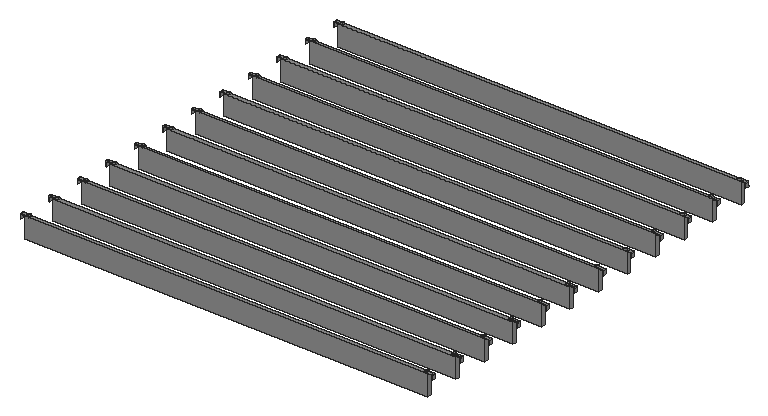
Revit family "Haworth_Pergola_Ceiling_Slat", category Furniture Systems, Revit 2018
Family settings
  Round Connector Dimension = Use Diameter
  Part Type = Normal
  OmniClass Number = 23.40.70.14.64.21
  OmniClass Title = Systems Furniture
  Work Plane-Based = No
  Always vertical = Yes
  Cut with Voids When Loaded = No
  Shared = No
  Room Calculation Point = No
Parameters (values of type "72d 72w")
  Width = 72.000"
  Warranty = "http://www.haworth.com/resources/product-info/warranties"
  URL - Product = "https://www.haworth.com/na/en/inspiration/pergola.html"
  URL = "http://www.haworth.com"
  Trim Finish = Haworth _ Paint _ Undecided _ Pergola
  Top Trim Width = 0.500"  # constant formula
  Sustainability Info = "http://www.haworth.com/company-info/sustainablility"
  Standard Length = "48, 72, 96, 120, 144 in."  # constant formula
  Slat Count = ((Actual Depth - (Ceiling Slat Offset * 2)) / Ceiling Spacing)  # 12
  Model = "Haworth Pergola"  # constant formula
  Min. Depth = 48.000"  # constant formula
  Max. Depth = 144.000"  # constant formula
  Description = "Haworth - Pergola Ceiling - Slat"  # constant formula
  Depth = 72.000"
  Custom Size = not(and(or(Width = 48.000", Width = 72.000", Width = 96.000", Width = 120.000", Width = 144.000"), or(Depth = 48.000", Depth = 72.000", Depth = 96.000", Depth = 120.000", Depth = 144.000")))  # no
  Ceiling Spacing = 6.000"  # constant formula
  Ceiling Slat Offset = 1.000"  # constant formula
  Actual Mounting Height = 95.500" - 3.130"  # 92.370"
  Actual Depth = if(Depth < Min. Depth, Min. Depth, if(Depth > Max. Depth, Max. Depth, Depth))  # 72.000"
  Size = "Verify Final Dim. w/ Haworth"  # constant formula
  Revision Number = "1"  # constant formula
  Min. Width = 48.000"  # constant formula
  Max. Width = 144.000"  # constant formula
  Min. Height = 96.000"  # constant formula
  Max. Height = 96.000"  # constant formula
  Manufacturer = "Haworth"  # constant formula
  Author = "Haworth (Alias)"  # constant formula
  Assembly Code = "E2020200"
  Actual Width = if(Width < Min. Width, Min. Width, if(Width > Max. Width, Max. Width, Width))  # 72.000"
  Actual Height = 3.630"  # constant formula
Types (5): name | Width | Slat Count | Depth | Actual Depth | Actual Width
  48d 48w | 48.000" | 8 | 48.000" | 48.000" | 48.000"
  72d 72w | 72.000" | 12 | 72.000" | 72.000" | 72.000"
  96d 96w | 96.000" | 16 | 96.000" | 96.000" | 96.000"
  120d 120w | 120.000" | 20 | 120.000" | 120.000" | 120.000"
  144d 144w | 144.000" | 24 | 144.000" | 144.000" | 144.000"
Reference planes (in)
  plane 1 "Center F/B": y = -52.705
  plane 2 "Bottom": z = 0
  plane 3 "Center L/R": x = 1.5
  plane 4 "Back": y = -16.705
  plane 5 "Front": y = -88.705
  plane 6 "Right": x = 37.5
  plane 7: x = -34.5
  plane 8 "Glide Top": z = 92.37
  plane 9 "End Slat Front": y = -87.705
  plane 10 "End Slat Back": y = -17.705
  plane 11: z = 4.36516
  plane 12: z = 95.5
Dimensions and locks (in)
  "Actual Depth": plane 4 "Back" to plane 5 "Front"
  equal spacing: plane 7, plane 3 "Center L/R", plane 6 "Right"
  "Actual Width": plane 7 to plane 6 "Right"
  "Actual Mounting Height": plane 8 "Glide Top" to level
  equal spacing: plane 4 "Back", plane 1 "Center F/B", plane 5 "Front"
  equal spacing: group 1, group 3, group 4, group 5, group 6, group 7, group 8, group 9, group 10, group 11, group 12, group 2  (x2)
  equal spacing: group 2, group 12, group 11, group 10, group 9, group 8, group 7, group 6, group 5, group 4, group 3, group 1
  "Ceiling Slat Offset": plane 5 "Front" to plane 9 "End Slat Front"
  "Ceiling Slat Offset": plane 10 "End Slat Back" to plane 4 "Back"
  plane 12 to plane 2 "Bottom" = 95.500"
  aligned and locked: level to plane 2 "Bottom"
  aligned and locked: plane 3 "Center L/R" to nested 1
  aligned and locked: nested 1 to plane 9 "End Slat Front"
  aligned and locked: plane 3 "Center L/R" to nested 2
  aligned and locked: nested 2 to plane 10 "End Slat Back"
Nested families (in)
  nested 1: "Haworth_Pergola_Ceiling-Slat_PART" at (0, -87.705, 0), type "Ceiling Slat"
    with Width 72.000", Actual Mounting Height 92.370", Actual Width 72.000"
  nested 2: "Haworth_Pergola_Ceiling-Slat_PART" at (0, -17.705, 0), type "Ceiling Slat"
    with Width 72.000", Actual Mounting Height 92.370", Actual Width 72.000"
  nested 3: "Haworth_Pergola_Ceiling-Slat_PART" at (0, -81.34136, 0), type "Ceiling Slat"
    with Width 72.000", Actual Mounting Height 92.370", Actual Width 72.000"
  nested 4: "Haworth_Pergola_Ceiling-Slat_PART" at (0, -74.97773, 0), type "Ceiling Slat"
    with Width 72.000", Actual Mounting Height 92.370", Actual Width 72.000"
  nested 5: "Haworth_Pergola_Ceiling-Slat_PART" at (0, -68.61409, 0), type "Ceiling Slat"
    with Width 72.000", Actual Mounting Height 92.370", Actual Width 72.000"
  nested 6: "Haworth_Pergola_Ceiling-Slat_PART" at (0, -62.25045, 0), type "Ceiling Slat"
    with Width 72.000", Actual Mounting Height 92.370", Actual Width 72.000"
  nested 7: "Haworth_Pergola_Ceiling-Slat_PART" at (0, -55.88682, 0), type "Ceiling Slat"
    with Width 72.000", Actual Mounting Height 92.370", Actual Width 72.000"
  nested 8: "Haworth_Pergola_Ceiling-Slat_PART" at (0, -49.52318, 0), type "Ceiling Slat"
    with Width 72.000", Actual Mounting Height 92.370", Actual Width 72.000"
  nested 9: "Haworth_Pergola_Ceiling-Slat_PART" at (0, -43.15955, 0), type "Ceiling Slat"
    with Width 72.000", Actual Mounting Height 92.370", Actual Width 72.000"
  nested 10: "Haworth_Pergola_Ceiling-Slat_PART" at (0, -36.79591, 0), type "Ceiling Slat"
    with Width 72.000", Actual Mounting Height 92.370", Actual Width 72.000"
  nested 11: "Haworth_Pergola_Ceiling-Slat_PART" at (0, -30.43227, 0), type "Ceiling Slat"
    with Width 72.000", Actual Mounting Height 92.370", Actual Width 72.000"
  nested 12: "Haworth_Pergola_Ceiling-Slat_PART" at (0, -24.06864, 0), type "Ceiling Slat"
    with Width 72.000", Actual Mounting Height 92.370", Actual Width 72.000"
Definition of nested family "Haworth_Pergola_Ceiling-Slat_PART"
  Parameters (values of type "Ceiling Slat")
    Width = 144.000"
    Warranty = "http://www.haworth.com/resources/product-info/warranties"
    URL - Product = ""
    URL = "http://www.haworth.com"
    Trim Finish = none
    Top Trim Width = 0.500"  # constant formula
    Sustainability Info = "http://www.haworth.com/company-info/sustainablility"
    Standard Length = "48, 72, 96, 120, 144 in."  # constant formula
    Model = "Haworth Pergola"  # constant formula
    Description = "Haworth - Pergola Ceiling - Slat"  # constant formula
    Custom Size = not(or(Width = 48.000", Width = 72.000", Width = 96.000", Width = 120.000", Width = 144.000"))  # no
    Actual Mounting Height = 0.500"
    Actual Depth = 0.590"  # constant formula
    Size = "Verify Final Dim. w/ Haworth"  # constant formula
    Revision Number = "1"  # constant formula
    Min. Width = 48.000"  # constant formula
    Max. Width = 144.000"  # constant formula
    Min. Height = 96.000"  # constant formula
    Max. Height = 96.000"  # constant formula
    Manufacturer = "Haworth"  # constant formula
    Author = "Haworth (Alias)"  # constant formula
    Assembly Code = "E2020200"
    Actual Width = if(Width < Min. Width, Min. Width, if(Width > Max. Width, Max. Width, Width))  # 144.000"
    Actual Height = 3.630"  # constant formula
  Reference planes (in)
    plane 1 "Center F/B": y = 0
    plane 2 "Bottom": z = 0
    plane 3 "Center L/R": x = 1.5
    plane 4 "Back": y = 0.295
    plane 5 "Front": y = -0.295
    plane 6 "Right": x = 73.5
    plane 7 "Top": z = 4.13
    plane 8: x = -70.5
    plane 9 "Glide Top": z = 0.5
    plane 10: z = 4.36516
    plane 11: z = 4.22972
  Forms (in)
    Sweep 1, solid, material <- "Trim Finish"
      path origin (0, 0, 4.13) x (-1, 0, 0) y (0, -1, 0)
        loop
          line (70.5, 0) -> (-73.5, 0)
      profile origin (1.5, 0, 4.13) x (0, 1, 0) y (0, 0, 1)
        loop
          line (0.295, -3.63) -> (0.295, 0) -> (-0.295, 0) -> (-0.295, -3.63) -> (0.295, -3.63)
    Sweep 2, solid, material <- "Trim Finish"
      path origin (0, 0, 4.13) x (-1, 0, 0) y (0, -1, 0)
        loop
          line (70.5, 0.25563) -> (70.5, -0.25618)
      profile origin (-70.5, 0.00028, 4.13) x (-1, 0, 0) y (0, 0, 1)
        loop
          line (0.70079, -0.75499) -> (0.80551, -0.75499) -> (0.80551, -0.04528)
          arc (0.80551, -0.04528) -> (0.76304, 0.05725) -> (0.66051, 0.09972) r 0.145
          line (0.66051, 0.09972) -> (-0.79528, 0.09972) -> (-0.79528, -0.005) -> (0.66105, -0.005)
          arc (0.66105, -0.005) -> (0.68915, -0.01664) -> (0.70079, -0.04474) r 0.03974
          line (0.70079, -0.04474) -> (0.70079, -0.75499)
    Sweep 3, solid, material <- "Trim Finish"
      path origin (3, 0, 4.13) x (1, 0, 0) y (0, -1, 0)
        loop
          line (70.5, 0.25563) -> (70.5, -0.25618)
      profile origin (73.5, 0.00028, 4.13) x (-1, 0, 0) y (0, 0, 1)
        loop
          line (-0.70079, -0.75499) -> (-0.70079, -0.04474)
          arc (-0.70079, -0.04474) -> (-0.68915, -0.01664) -> (-0.66105, -0.005) r 0.03974
          line (-0.66105, -0.005) -> (0.79528, -0.005) -> (0.79528, 0.09972) -> (-0.66051, 0.09972)
          arc (-0.66051, 0.09972) -> (-0.76304, 0.05725) -> (-0.80551, -0.04528) r 0.145
          line (-0.80551, -0.04528) -> (-0.80551, -0.75499) -> (-0.70079, -0.75499)
    Extrusion 4, solid, material <- "Trim Finish"
      sketch origin (0, 0, 4.13) x (-1, 0, 0) y (0, -1, 0)
        loop
          circle (69.96063, 0) r 0.23558
      from 0.09972 to 0.23516
    Extrusion 5, solid, material <- "Trim Finish"
      sketch origin (3, 0, 4.13) x (1, 0, 0) y (0, 1, 0)
        loop
          circle (69.96063, 0) r 0.23558
      from 0.09972 to 0.23516
  Lines and regions (in)
    Masking region 1
      outline origin (0, 0, 4.13) x (-1, 0, 0) y (0, -1, 0)
        loop
          line (-73.5, 0.295) -> (-73.5, -0.295) -> (70.5, -0.295) -> (70.5, 0.295) -> (-73.5, 0.295)
  Dimensions and locks (in)
    equal spacing: plane 4 "Back", plane 1 "Center F/B", plane 5 "Front"
    "Actual Depth": plane 4 "Back" to plane 5 "Front"
    equal spacing: plane 8, plane 3 "Center L/R", plane 6 "Right"
    "Actual Width": plane 8 to plane 6 "Right"
    "Actual Mounting Height": plane 9 "Glide Top" to level
    "Actual Height": plane 7 "Top" to plane 9 "Glide Top"
    locked: plane 4 "Back" to Sweep 2 sketch curve at 0.03882
    locked: Sweep 2 sketch curve to plane 5 "Front" at 0.03937
    locked: plane 4 "Back" to Sweep 3 sketch curve at 0.03882
    locked: Sweep 3 sketch curve to plane 5 "Front" at 0.03937
    plane 10 to plane 11 to plane 7 "Top" = 0.13543" locked, 0.09972" locked
    locked: plane 8 to Extrusion 4 sketch curve at 0.53937
    locked: Extrusion 5 sketch curve to plane 6 "Right" at 0.53937
    aligned and locked: level to plane 2 "Bottom"
    aligned and locked: Sweep 1 sketch curve to plane 1 "Center F/B"
    aligned and locked: plane 9 "Glide Top" to Sweep 1 sketch curve
    aligned and locked: Sweep 1 sketch curve to plane 4 "Back"
    aligned and locked: plane 5 "Front" to Sweep 1 sketch curve
    aligned and locked: profile plane to Sweep 1 sketch curve
    aligned and locked: plane 6 "Right" to Sweep 1 sketch curve
    aligned and locked: plane 8 to Sweep 1 sketch curve
    aligned and locked: Sweep 2 sketch curve to plane 8
    aligned and locked: plane 6 "Right" to Sweep 3 sketch curve
    aligned and locked: Masking region 1 sketch curve to plane 8
    aligned and locked: Masking region 1 sketch curve to plane 4 "Back"
    aligned and locked: Masking region 1 sketch curve to plane 5 "Front"
    aligned and locked: Masking region 1 sketch curve to plane 6 "Right"
    aligned and locked: Extrusion 4 sketch curve to plane 1 "Center F/B"
    aligned and locked: Extrusion 4 to plane 11
    aligned and locked: plane 10 to Extrusion 4
    aligned and locked: plane 1 "Center F/B" to Extrusion 5 sketch curve
    aligned and locked: plane 11 to Extrusion 5
    aligned and locked: Extrusion 5 to plane 10
  Automatic sketch dimensions
    plane 7 "Top" to Sweep 2 sketch curve = 0.09972"
    profile plane to Sweep 2 sketch curve = 0.79528"
    Sweep 2 sketch curve to plane 7 "Top" = 0.04528"
    Sweep 2 sketch curve to profile plane = 0.66051"
    Sweep 2 sketch curve to plane 7 "Top" = 0.005"
    Sweep 2 sketch curve to Sweep 2 sketch curve = 0.00053"
    Sweep 2 sketch curve to Sweep 2 sketch curve = 0.03974"
    Sweep 2 sketch curve to Sweep 2 sketch curve = 0.71025"
    profile plane to Sweep 3 sketch curve = 0.80551"
    Sweep 3 sketch curve to Sweep 3 sketch curve = 0.10472"
    Sweep 3 sketch curve to plane 7 "Top" = 0.005"
    Sweep 3 sketch curve to Sweep 3 sketch curve = 0.03974"
    Sweep 3 sketch curve to Sweep 3 sketch curve = 0.00053"
    plane 7 "Top" to Sweep 3 sketch curve = 0.09972"
    Sweep 3 sketch curve to profile plane = 0.79528"
    Sweep 3 sketch curve to Sweep 3 sketch curve = 0.71025"
    radius of Extrusion 4 sketch curve = 0.23558"
    radius of Extrusion 5 sketch curve = 0.23558"
